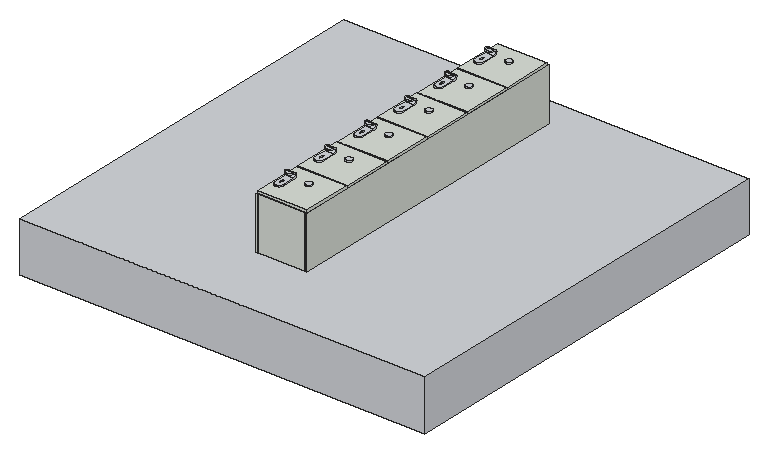
Revit family
Parameters (values of type "6 Tier Locker - 12.375"")
  Width = 12"
  Waste Connection = no
  WFU = 0
  Vent Connection = no
  URL = "www.spectrumlockers.com"
  Type Comments = ""
  Top/Bottom Panel Thickness = 1/2"
  Side Panel Thickness = 3/8"
  Shelf Thickness = 1/2"
  Price = "Prices may vary. Please consult Manufacturer Representative for most up-to-date price list."  # constant formula
  Phone Number = "416-250-5656"  # constant formula
  Omniclass Table 23 Title = "Lockers"  # constant formula
  Omniclass Table 23 Code = "23.40.20.11.17"  # constant formula
  Nominal Height = 29 1/8"
  Model = "6 Tier Locker - 12.375\""
  Material = Athlon-Spectrum-White-E0.00 CR
  Masterformat Title = "Phenolic Lockers"  # constant formula
  Masterformat Number = "10 51 29"  # constant formula
  Manufacturer = "Spectrum"
  Length = 12 3/8"
  Installation Type = "Wall Mounted"
  Height = 71 3/4"
  HWFU = 0
  HW Connection = no
  Description = "6 Tier Locker"
  Default Elevation = 0"
  Creation Date = "10/1/2014"  # constant formula
  Created By = "Allied Technical Services"  # constant formula
  CWFU = 0
  CW Connection = no
  Assembly Code = "E2020200"
  ATS URL = "http://www.atsspec.net"
Types (5): name | Model | Length
  (no name) | "6 Tier Locker - 12.375\"" | 12 3/8"
  6 Tier Locker - 12.375" | "6 Tier Locker - 12.375\"" | 12 3/8"
  6 Tier Locker - 15.375" | "6 Tier Locker - 15.375\"" | 15 3/8"
  6 Tier Locker - 20.375" | "6 Tier Locker - 20.375\"" | 20 3/8"
  6 Tier Locker - 24.375" | "6 Tier Locker - 24.375\"" | 24 3/8"
Reference planes (in)
  plane 1 "Center (Front/Back)": y = 0
  plane 2: z = 0
  plane 3 "Center (Left/Right)": x = 0
  plane 4: x = 5.625
  plane 5: x = 6
  plane 6: y = 71.75
  plane 7: y = 71.25
  plane 8: y = 0.5
  plane 9: x = -5.625
  plane 10: x = -6
  plane 11: z = 12.375
  plane 12: z = 12.875
  plane 13: z = 0.375
  plane 14: y = 11.875
  plane 15: y = 12.375
  plane 16: y = 12.125
  plane 17: y = 0.25
  plane 18: y = 71.5
  plane 19: y = 24
  plane 20: y = 23.75
  plane 21: y = 24.25
  plane 22: y = 35.875
  plane 23: y = 35.625
  plane 24: y = 36.125
  plane 25: y = 47.75
  plane 26: y = 47.5
  plane 27: y = 48
  plane 28: y = 59.625
  plane 29: y = 59.375
  plane 30: y = 59.875
  plane 31: y = 63.0625
  plane 32: y = 39.3156
  plane 33: y = 27.44056
  plane 34: y = 15.56264
  plane 35: y = 51.18764
  plane 36: y = 65.5625
  plane 37: y = 53.6875
  plane 38: y = 41.8125
  plane 39: y = 29.9375
  plane 40: y = 18.0625
  plane 41: y = 6.1875
  plane 42: y = 3.68764
  plane 43: x = -5.42497
  plane 44: x = -3.42497
  plane 45: y = 67.5
  plane 46: y = 55.625
  plane 47: y = 43.75
  plane 48: y = 31.875
  plane 49: y = 20
  plane 50: y = 8.125
  plane 51: z = 13
Forms (in)
  Extrusion 1, solid
    sketch origin (0, 0, 0) x (1, 0, 0) y (0, 1, 0)
      loop
        line (-48, 78.52725) -> (-48, -17.47275) -> (48, -17.47275) -> (48, 78.52725) -> (-48, 78.52725)
    from 0 to -12
  Extrusion 2, solid, material "Athlon-Spectrum-White-E0.00 CR" <- "Material"
    sketch origin (0, 0, 0) x (1, 0, 0) y (0, 0, 1)
      loop
        line (-5.625, 12.375) -> (-5.625, 0) -> (5.625, 0) -> (5.625, 12.375) -> (-5.625, 12.375)
    from -71.75 to -71.25
  Extrusion 3, solid, material "Athlon-Spectrum-White-E0.00 CR" <- "Material"
    sketch origin (0, -59.25, 0) x (1, 0, 0) y (0, 0, 1)
      loop
        line (-5.625, 12.375) -> (-5.625, 0) -> (5.625, 0) -> (5.625, 12.375) -> (-5.625, 12.375)
    from -59.75 to -59.25
  Extrusion 4, solid, material "Athlon-Spectrum-White-E0.00 CR" <- "Material"
    sketch origin (0, 0, 0) x (0, 1, 0) y (0, 0, 1)
      loop
        line (71.75, 12.375) -> (0, 12.375) -> (0, 0) -> (71.75, 0) -> (71.75, 12.375)
    from -6 to -5.625
  Extrusion 5, solid, material "Athlon-Spectrum-White-E0.00 CR" <- "Material"
    sketch origin (0, 0, 0) x (0, 1, 0) y (0, 0, -1)
      loop
        line (71.75, -12.375) -> (71.75, 0) -> (0, 0) -> (0, -12.375) -> (71.75, -12.375)
    from -6 to -5.625
  Extrusion 6, solid, material "Athlon-Spectrum-White-E0.00 CR" <- "Material"
    sketch origin (0, 0, 0) x (1, 0, 0) y (0, 0, 1)
      loop
        line (-5.625, 0.375) -> (-5.625, 0) -> (5.625, 0) -> (5.625, 0.375) -> (-5.625, 0.375)
    from -71.25 to -0.5
  Extrusion 7, solid, material "Athlon-Spectrum-White-E0.00 CR" <- "Material"
    sketch origin (0, 0, 0) x (1, 0, 0) y (0, 1, 0)
      loop
        line (-5.875, 12) -> (-5.875, 0.25) -> (5.875, 0.25) -> (5.875, 12) -> (-5.875, 12)
    from 12.375 to 12.875
  Extrusion 8, solid, material "Athlon-Spectrum-White-E0.00 CR" <- "Material"
    sketch origin (0, 23.75, 0) x (1, 0, 0) y (0, 0, 1)
      loop
        line (-5.625, 12.375) -> (-5.625, 0.375) -> (5.625, 0.375) -> (5.625, 12.375) -> (-5.625, 12.375)
    from -0.5 to 0
  Extrusion 9, solid, material "Athlon-Spectrum-White-E0.00 CR" <- "Material"
    sketch origin (0, 0, 0) x (1, 0, 0) y (0, 0, 1)
      loop
        line (-5.625, 12.375) -> (-5.625, 0.375) -> (5.625, 0.375) -> (5.625, 12.375) -> (-5.625, 12.375)
    from -12.375 to -11.875
  Extrusion 10, solid, material "Athlon-Spectrum-White-E0.00 CR" <- "Material"
    sketch origin (0, 23.75, 0) x (1, 0, 0) y (0, 1, 0)
      loop
        line (-5.875, 0.125) -> (-5.875, -11.5) -> (5.875, -11.5) -> (5.875, 0.125) -> (-5.875, 0.125)
    from 12.375 to 12.875
  Extrusion 11, solid, material "Athlon-Spectrum-White-E0.00 CR" <- "Material"
    sketch origin (0, 47.5, 0) x (1, 0, 0) y (0, 1, 0)
      loop
        line (-5.875, 0.13093) -> (-5.875, -11.5) -> (5.875, -11.5) -> (5.875, 0.13093) -> (-5.875, 0.13093)
    from 12.375 to 12.875
  Extrusion 12, solid, material "Athlon-Spectrum-White-E0.00 CR" <- "Material"
    sketch origin (0, 41.125, 0) x (1, 0, 0) y (0, 0, 1)
      loop
        line (-5.625, 12.375) -> (-5.625, 0.375) -> (5.625, 0.375) -> (5.625, 12.375) -> (-5.625, 12.375)
    from 5 to 5.5
  Extrusion 13, solid, material "Athlon-Spectrum-White-E0.00 CR" <- "Material"
    sketch origin (0, 29.69335, 0) x (1, 0, 0) y (0, 1, 0)
      loop
        line (-5.875, 6.05665) -> (-5.875, -5.5625) -> (5.875, -5.5625) -> (5.875, 6.05665) -> (-5.875, 6.05665)
    from 12.375 to 12.875
  Extrusion 14, solid, material "Athlon-Spectrum-White-E0.00 CR" <- "Material"
    sketch origin (0, 11.88085, 0) x (1, 0, 0) y (0, 1, 0)
      loop
        line (-5.875, 11.99415) -> (-5.875, 0.36915) -> (5.875, 0.36915) -> (5.875, 11.99415) -> (-5.875, 11.99415)
    from 12.375 to 12.875
  Extrusion 15, solid, material "Athlon-Spectrum-White-E0.00 CR" <- "Material"
    sketch origin (0, 54.875, 0) x (1, 0, 0) y (0, 0, 1)
      loop
        line (-5.625, 12.375) -> (-5.625, 0.375) -> (5.625, 0.375) -> (5.625, 12.375) -> (-5.625, 12.375)
    from 6.875 to 7.375
  Extrusion 16, solid, material "Athlon-Spectrum-White-E0.00 CR" <- "Material"
    sketch origin (0, 0, 0) x (1, 0, 0) y (0, 1, 0)
      loop
        line (-5.875, 59.5) -> (-5.875, 47.875) -> (5.875, 47.875) -> (5.875, 59.5) -> (-5.875, 59.5)
    from 12.875 to 12.375
  Extrusion 17, solid, material "Athlon-Spectrum-White-E0.00 CR" <- "Material"
    sketch origin (0, 66.25, 0) x (1, 0, 0) y (0, 0, 1)
      loop
        line (-5.625, 12.375) -> (-5.625, 0.375) -> (5.625, 0.375) -> (5.625, 12.375) -> (-5.625, 12.375)
    from 6.375 to 6.875
  Extrusion 18, solid, material "Athlon-Spectrum-White-E0.00 CR" <- "Material"
    sketch origin (0, 11.86658, 0) x (1, 0, 0) y (0, 1, 0)
      loop
        line (-5.875, 59.63342) -> (-5.875, 47.88342) -> (5.875, 47.88342) -> (5.875, 59.63342) -> (-5.875, 59.63342)
    from 12.375 to 12.875
  Extrusion 19, solid
    sketch origin (0, 37.55495, 56.86546) x (0, 1, 0) y (0, 0, 1)
      loop
        line (29.88255, -42.74046) -> (28.00742, -42.74046) -> (28.00742, -42.86546) -> (29.88255, -42.86546)
        arc (29.88255, -42.86546) -> (30.38255, -43.36546) -> (29.88255, -43.86546) r 0.5
        line (29.88255, -43.86546) -> (25.50755, -43.86546) -> (25.50755, -43.99046) -> (29.88255, -43.99046)
        arc (29.88255, -43.99046) -> (30.50755, -43.36546) -> (29.88255, -42.74046) r 0.625
      loop
        line (6.13565, -42.74046) -> (4.26052, -42.74046) -> (4.26052, -42.86546) -> (6.13565, -42.86546)
        arc (6.13565, -42.86546) -> (6.63565, -43.36546) -> (6.13565, -43.86546) r 0.5
        line (6.13565, -43.86546) -> (1.76065, -43.86546) -> (1.76065, -43.99046) -> (6.13565, -43.99046)
        arc (6.13565, -43.99046) -> (6.76065, -43.36546) -> (6.13565, -42.74046) r 0.625
      loop
        line (-5.73938, -42.74046) -> (-7.61452, -42.74046) -> (-7.61452, -42.86546) -> (-5.73938, -42.86546)
        arc (-5.73938, -42.86546) -> (-5.23938, -43.36546) -> (-5.73938, -43.86546) r 0.5
        line (-5.73938, -43.86546) -> (-10.11438, -43.86546) -> (-10.11438, -43.99046) -> (-5.73938, -43.99046)
        arc (-5.73938, -43.99046) -> (-5.11438, -43.36546) -> (-5.73938, -42.74046) r 0.625
      loop
        line (-17.61731, -42.74046) -> (-19.49245, -42.74046) -> (-19.49245, -42.86546) -> (-17.61731, -42.86546)
        arc (-17.61731, -42.86546) -> (-17.11731, -43.36546) -> (-17.61731, -43.86546) r 0.5
        line (-17.61731, -43.86546) -> (-21.99231, -43.86546) -> (-21.99231, -43.99046) -> (-17.61731, -43.99046)
        arc (-17.61731, -43.99046) -> (-16.99231, -43.36546) -> (-17.61731, -42.74046) r 0.625
      loop
        line (18.00769, -42.74046) -> (16.13255, -42.74046) -> (16.13255, -42.86546) -> (18.00769, -42.86546)
        arc (18.00769, -42.86546) -> (18.50769, -43.36546) -> (18.00769, -43.86546) r 0.5
        line (18.00769, -43.86546) -> (13.63269, -43.86546) -> (13.63269, -43.99046) -> (18.00769, -43.99046)
        arc (18.00769, -43.99046) -> (18.63269, -43.36546) -> (18.00769, -42.74046) r 0.625
      loop
        line (-29.49231, -42.74046) -> (-31.36745, -42.74046) -> (-31.36745, -42.86546) -> (-29.49231, -42.86546)
        arc (-29.49231, -42.86546) -> (-28.99231, -43.36546) -> (-29.49231, -43.86546) r 0.5
        line (-29.49231, -43.86546) -> (-33.86731, -43.86546) -> (-33.86731, -43.99046) -> (-29.49231, -43.99046)
        arc (-29.49231, -43.99046) -> (-28.86731, -43.36546) -> (-29.49231, -42.74046) r 0.625
    from -5.42497 to -3.42497
  Extrusion 20, void
    sketch origin (0, 31.05862, 33.5171) x (1, 0, 0) y (0, 1, 0)
      loop
        line (-5.42497, 36.32129) -> (-5.42497, 34.50388) -> (-3.42497, 34.50388) -> (-3.42497, 36.32129)
        arc (-3.42497, 36.32129) -> (-4.42497, 35.32129) -> (-5.42497, 36.32129) r 1
      loop
        line (-5.42497, 24.44629) -> (-5.42497, 22.62888) -> (-3.42497, 22.62888) -> (-3.42497, 24.44629)
        arc (-3.42497, 24.44629) -> (-4.42497, 23.44629) -> (-5.42497, 24.44629) r 1
      loop
        line (-5.42497, 12.57129) -> (-5.42497, 10.75388) -> (-3.42497, 10.75388) -> (-3.42497, 12.57129)
        arc (-3.42497, 12.57129) -> (-4.42497, 11.57129) -> (-5.42497, 12.57129) r 1
      loop
        line (-5.42497, 0.69629) -> (-5.42497, -1.12112) -> (-3.42497, -1.12112) -> (-3.42497, 0.69629)
        arc (-3.42497, 0.69629) -> (-4.42497, -0.30371) -> (-5.42497, 0.69629) r 1
      loop
        line (-5.42497, -11.17871) -> (-5.42497, -12.99612) -> (-3.42497, -12.99612) -> (-3.42497, -11.17871)
        arc (-3.42497, -11.17871) -> (-4.42497, -12.17871) -> (-5.42497, -11.17871) r 1
      loop
        line (-5.42497, -23.05371) -> (-5.42497, -24.87112) -> (-3.42497, -24.87112) -> (-3.42497, -23.05371)
        arc (-3.42497, -23.05371) -> (-4.42497, -24.05371) -> (-5.42497, -23.05371) r 1
    from -20.5171 to -19.3921
  Extrusion 21, void
    sketch origin (0, 30.09003, 20.52112) x (1, 0, 0) y (0, 1, 0)
      loop
        line (-5.42497, 34.16191) -> (-5.42497, 32.97247) -> (-3.42497, 32.97247) -> (-3.42497, 34.16191)
        arc (-3.42497, 34.16191) -> (-4.42497, 33.16191) -> (-5.42497, 34.16191) r 1
      loop
        arc (-4.17497, 35.22261) -> (-4.42497, 35.47261) -> (-4.67497, 35.22261) r 0.25
        line (-4.67497, 35.22261) -> (-4.67497, 34.74933)
        arc (-4.67497, 34.74933) -> (-4.42497, 34.49933) -> (-4.17497, 34.74933) r 0.25
        line (-4.17497, 34.74933) -> (-4.17497, 35.22261)
      loop
        line (-5.42497, 22.28691) -> (-5.42497, 21.09747) -> (-3.42497, 21.09747) -> (-3.42497, 22.28691)
        arc (-3.42497, 22.28691) -> (-4.42497, 21.28691) -> (-5.42497, 22.28691) r 1
      loop
        arc (-4.17497, 23.34761) -> (-4.42497, 23.59761) -> (-4.67497, 23.34761) r 0.25
        line (-4.67497, 23.34761) -> (-4.67497, 22.87433)
        arc (-4.67497, 22.87433) -> (-4.42497, 22.62433) -> (-4.17497, 22.87433) r 0.25
        line (-4.17497, 22.87433) -> (-4.17497, 23.34761)
      loop
        line (-5.42497, 10.41191) -> (-5.42497, 9.22247) -> (-3.42497, 9.22247) -> (-3.42497, 10.41191)
        arc (-3.42497, 10.41191) -> (-4.42497, 9.41191) -> (-5.42497, 10.41191) r 1
      loop
        arc (-4.17497, 11.47261) -> (-4.42497, 11.72261) -> (-4.67497, 11.47261) r 0.25
        line (-4.67497, 11.47261) -> (-4.67497, 10.99933)
        arc (-4.67497, 10.99933) -> (-4.42497, 10.74933) -> (-4.17497, 10.99933) r 0.25
        line (-4.17497, 10.99933) -> (-4.17497, 11.47261)
      loop
        line (-5.42497, -1.46309) -> (-5.42497, -2.65253) -> (-3.42497, -2.65253) -> (-3.42497, -1.46309)
        arc (-3.42497, -1.46309) -> (-4.42497, -2.46309) -> (-5.42497, -1.46309) r 1
      loop
        arc (-4.17497, -0.40239) -> (-4.42497, -0.15239) -> (-4.67497, -0.40239) r 0.25
        line (-4.67497, -0.40239) -> (-4.67497, -0.87567)
        arc (-4.67497, -0.87567) -> (-4.42497, -1.12567) -> (-4.17497, -0.87567) r 0.25
        line (-4.17497, -0.87567) -> (-4.17497, -0.40239)
      loop
        line (-5.42497, -13.33809) -> (-5.42497, -14.52753) -> (-3.42497, -14.52753) -> (-3.42497, -13.33809)
        arc (-3.42497, -13.33809) -> (-4.42497, -14.33809) -> (-5.42497, -13.33809) r 1
      loop
        arc (-4.17497, -12.27739) -> (-4.42497, -12.02739) -> (-4.67497, -12.27739) r 0.25
        line (-4.67497, -12.27739) -> (-4.67497, -12.75067)
        arc (-4.67497, -12.75067) -> (-4.42497, -13.00067) -> (-4.17497, -12.75067) r 0.25
        line (-4.17497, -12.75067) -> (-4.17497, -12.27739)
      loop
        line (-5.42497, -25.21309) -> (-5.42497, -26.40253) -> (-3.42497, -26.40253) -> (-3.42497, -25.21309)
        arc (-3.42497, -25.21309) -> (-4.42497, -26.21309) -> (-5.42497, -25.21309) r 1
      loop
        arc (-4.17497, -24.15239) -> (-4.42497, -23.90239) -> (-4.67497, -24.15239) r 0.25
        line (-4.67497, -24.15239) -> (-4.67497, -24.62567)
        arc (-4.67497, -24.62567) -> (-4.42497, -24.87567) -> (-4.17497, -24.62567) r 0.25
        line (-4.17497, -24.62567) -> (-4.17497, -24.15239)
    from -7.64612 to -6.39612
  Extrusion 22, solid
    sketch origin (0, 0, 0) x (1, 0, 0) y (0, 1, 0)
      loop
        circle (0, 67.5) r 0.75
      loop
        circle (0, 55.625) r 0.75
      loop
        circle (0, 43.75) r 0.75
      loop
        circle (0, 31.875) r 0.75
      loop
        circle (0, 20) r 0.75
      loop
        circle (0, 8.125) r 0.75
    from 12.875 to 13
Cuts and joins
  Extrusion 20, Extrusion 21 cuts Extrusion 19
  Extrusion 21 cuts Extrusion 7
  Extrusion 21 cuts Extrusion 10
  Extrusion 21 cuts Extrusion 11
  Extrusion 21 cuts Extrusion 13
  Extrusion 21 cuts Extrusion 14
  Extrusion 21 cuts Extrusion 16
  Extrusion 21 cuts Extrusion 18
Lines and regions (in)
  Masking region 1
    outline origin (0, 0, 0) x (1, 0, 0) y (0, 1, 0)
      loop
        line (-6, 71.75) -> (-6, 0) -> (6, 0) -> (6, 71.75) -> (-6, 71.75)
  Masking region 2
    outline origin (0, 0, 0) x (0, 1, 0) y (0, 0, 1)
      loop
        line (71.75, 0) -> (71.75, 12.375) -> (71.5, 12.375) -> (71.5, 12.875) -> (59.75, 12.875) -> (59.75, 12.375) -> (59.5, 12.375) -> (59.5, 12.875) -> (47.875, 12.875) -> (47.875, 12.375) -> (47.63093, 12.375) -> (47.63093, 12.875) -> (36, 12.875) -> (36, 12.375) -> (35.75, 12.375) -> (35.75, 12.875) -> (24.13085, 12.875) -> (24.13085, 12.375) -> (23.875, 12.375) -> (23.875, 12.875) -> (12.25, 12.875) -> (12.25, 12.375) -> (12, 12.375) -> (12, 12.875) -> (0.25, 12.875) -> (0.25, 12.375) -> (0, 12.375) -> (0, 0) -> (71.75, 0)
  Masking region 3
    outline origin (0, 0, 0) x (1, 0, 0) y (0, 0, 1)
      loop
        line (6, 12.375) -> (5.875, 12.375) -> (5.875, 12.875) -> (-5.875, 12.875) -> (-5.875, 12.375) -> (-6, 12.375) -> (-6, 0) -> (6, 0) -> (6, 12.375)
  symbolic lines, detail levels medium+fine
    curve 1: line (0, 71.5, 12.375) -> (0, 47.875, 12.375)
    curve 2: line (0, 12, 12.375) -> (0, 0.25, 12.375)
    curve 3: line (5.875, 0, 12.375) -> (-5.875, 0, 12.375)
    curve 4: line (5.625, 0, 12.375) -> (5.625, 0, 0)
    curve 5: line (-5.625, 0, 0) -> (-5.625, 0, 12.375)
    curve 6: line (0, 23.875, 12.375) -> (0, 12.25, 12.375)
    curve 7: line (-5.875, 47.63093, 0) -> (-5.875, 36, 0)
    curve 8: line (5.875, 47.63093, 0) -> (-5.875, 47.63093, 0)
    curve 9: line (5.875, 36, 0) -> (5.875, 47.63093, 0)
    curve 10: line (-5.875, 36, 0) -> (5.875, 36, 0)
    curve 11: line (5.875, 35.75, 0) -> (-5.875, 35.75, 0)
    curve 12: line (-5.875, 35.75, 0) -> (-5.875, 24.13085, 0)
    curve 13: line (5.875, 24.13085, 0) -> (5.875, 35.75, 0)
    curve 14: line (-5.875, 24.13085, 0) -> (5.875, 24.13085, 0)
    curve 15: line (5.875, 23.875, 0) -> (-5.875, 23.875, 0)
    curve 16: line (5.875, 12.25, 0) -> (5.875, 23.875, 0)
    curve 17: line (-5.875, 23.875, 0) -> (-5.875, 12.25, 0)
    curve 18: line (-5.875, 12.25, 0) -> (5.875, 12.25, 0)
    curve 19: line (5.875, 12, 0) -> (-5.875, 12, 0)
    curve 20: line (5.875, 0.25, 0) -> (5.875, 12, 0)
    curve 21: line (-5.875, 12, 0) -> (-5.875, 0.25, 0)
    curve 22: line (-5.875, 0.25, 0) -> (5.875, 0.25, 0)
    curve 23: line (0, 35.75, 12.375) -> (0, 24.13085, 12.375)
    curve 24: line (-5.875, 47.875, 0) -> (5.875, 47.875, 0)
    curve 25: line (-5.875, 59.5, 0) -> (-5.875, 47.875, 0)
    curve 26: line (5.875, 59.5, 0) -> (-5.875, 59.5, 0)
    curve 27: line (5.875, 47.875, 0) -> (5.875, 59.5, 0)
    curve 28: line (0, 47.63093, 12.375) -> (0, 36, 12.375)
    curve 29: line (-5.875, 59.75, 0) -> (5.875, 59.75, 0)
    curve 30: line (-5.875, 71.5, 0) -> (-5.875, 59.75, 0)
    curve 31: line (5.875, 59.75, 0) -> (5.875, 71.5, 0)
    curve 32: line (5.875, 71.5, 0) -> (-5.875, 71.5, 0)
    curve 33: circle (0, 67.5, 0) r 0.75 normal (0, 0, 1)
    curve 34: circle (0, 55.625, 0) r 0.75 normal (0, 0, 1)
    curve 35: circle (0, 43.75, 0) r 0.75 normal (0, 0, 1)
    curve 36: circle (0, 31.875, 0) r 0.75 normal (0, 0, 1)
    curve 37: circle (0, 20, 0) r 0.75 normal (0, 0, 1)
    curve 38: circle (0, 8.125, 0) r 0.75 normal (0, 0, 1)
Dimensions and locks (in)
  "Side Panel Thickness": plane 13 to Extrusion 1
  locked: plane 12 to plane 11 at 0.5
  "Top/Bottom Panel Thickness": plane 6 to plane 7
  "Top/Bottom Panel Thickness": plane 8 to plane 1 "Center (Front/Back)"
  locked: plane 14 to Extrusion 7 sketch curve at 0.125
  "Length": plane 11 to Extrusion 1
  "Shelf Thickness": plane 15 to plane 14
  "Side Panel Thickness": plane 10 to plane 9
  "Side Panel Thickness": plane 4 to plane 5
  "Width": plane 10 to plane 5
  equal spacing: plane 10, plane 3 "Center (Left/Right)", plane 5
  "Height": plane 6 to plane 1 "Center (Front/Back)"
  locked: plane 15 to plane 16 at 0.25
  locked: Extrusion 7 sketch curve to Extrusion 4 at 0.25
  locked: plane 8 to Extrusion 7 sketch curve at 0.25
  locked: Extrusion 5 to Extrusion 7 sketch curve at 0.25
  locked: plane 17 to plane 1 "Center (Front/Back)" at 0.25
  locked: plane 6 to plane 18 at 0.25
  "Shelf Thickness": plane 21 to plane 20
  locked: plane 21 to plane 19 at 0.25
  Extrusion 11 sketch curve to Extrusion 4 = 1/4"
  Extrusion 5 to Extrusion 11 sketch curve = 1/4"
  Extrusion 11 sketch curve to plane 21 = 11 3/4"
  locked: plane 15 to Extrusion 10 sketch curve at 0.125
  locked: plane 20 to Extrusion 10 sketch curve at 0.125
  "Shelf Thickness": plane 24 to plane 23
  locked: plane 24 to plane 22 at 0.25
  locked: Extrusion 12 to Extrusion 11 sketch curve at 0.125
  locked: Extrusion 12 to Extrusion 13 sketch curve at 0.125
  locked: Extrusion 8 to Extrusion 13 sketch curve at 0.11915
  "Shelf Thickness": plane 27 to plane 26
  locked: plane 27 to plane 25 at 0.25
  locked: Extrusion 15 to Extrusion 11 sketch curve at 0.13093
  locked: Extrusion 15 to Extrusion 16 sketch curve at 0.125
  "Shelf Thickness": plane 30 to plane 29
  locked: plane 30 to plane 28 at 0.25
  equal spacing: plane 18, plane 28, plane 25, plane 22, plane 19, plane 16, plane 17
  plane 14 to plane 8 = 11 3/8"
  locked: Extrusion 16 sketch curve to plane 29 at 0.125
  locked: plane 30 to Extrusion 18 sketch curve at 0.125
  locked: Extrusion 19 sketch curve to Extrusion 19 sketch curve at 0.125  (x6)
  locked: plane 36 to plane 31 at 2.5
  locked: plane 37 to plane 35 at 2.49986
  locked: plane 38 to plane 32 at 2.4969
  locked: plane 39 to plane 33 at 2.49694
  locked: plane 40 to plane 34 at 2.49986
  locked: plane 41 to plane 42 at 2.49986
  locked: Extrusion 19 sketch curve to plane 38 at 1.8781
  locked: Extrusion 19 sketch curve to plane 39 at 1.87806
  locked: Extrusion 19 sketch curve to plane 40 at 1.87514
  locked: Extrusion 19 sketch curve to plane 41 at 1.87514
  locked: Extrusion 19 sketch curve to plane 37 at 1.87514
  locked: Extrusion 19 sketch curve to plane 36 at 1.875
  locked: Extrusion 19 sketch curve to plane 12 at 1.25  (x5)
  locked: Extrusion 19 sketch curve to cut or joined group of Extrusion 16, Extrusion 21 at 1.25
  locked: plane 36 to Extrusion 21 sketch curve at 2.5
  locked: plane 10 to plane 44 at 2.57503
  locked: plane 43 to plane 44 at 2
  equal spacing: plane 18, plane 36, plane 28
  equal spacing: plane 28, plane 37, plane 25
  equal spacing: plane 25, plane 38, plane 22
  equal spacing: plane 22, plane 39, plane 19
  equal spacing: plane 19, plane 40, plane 16
  equal spacing: plane 16, plane 41, plane 17
  locked: Extrusion 21 sketch curve to plane 37 at 2.5
  locked: plane 38 to Extrusion 21 sketch curve at 2.5
  locked: Extrusion 21 sketch curve to plane 39 at 2.5
  locked: plane 40 to Extrusion 21 sketch curve at 2.5
  locked: Extrusion 21 sketch curve to plane 41 at 2.5
  locked: plane 18 to plane 45 at 4
  locked: plane 28 to plane 46 at 4
  locked: plane 25 to plane 47 at 4
  locked: plane 22 to plane 48 at 4
  locked: plane 19 to plane 49 at 4
  locked: plane 16 to plane 50 at 4
  locked: plane 51 to plane 12 at 0.125
  aligned and locked: plane 2 to Extrusion 1
  aligned and locked: level to Extrusion 1
  aligned and locked: plane 6 to Extrusion 2
  aligned and locked: Extrusion 2 to plane 7
  aligned and locked: plane 8 to Extrusion 3
  aligned and locked: plane 1 "Center (Front/Back)" to Extrusion 3
  aligned and locked: Extrusion 4 to plane 10
  aligned and locked: plane 9 to Extrusion 4
  aligned and locked: plane 4 to Extrusion 5
  aligned and locked: Extrusion 5 to plane 5
  aligned and locked: plane 7 to Extrusion 6
  aligned and locked: Extrusion 6 to plane 8
  aligned and locked: plane 12 to Extrusion 7
  aligned and locked: Extrusion 7 to plane 11
  aligned and locked: plane 6 to Extrusion 4 sketch curve
  aligned and locked: plane 11 to Extrusion 4 sketch curve
  aligned and locked: Extrusion 4 sketch curve to level
  aligned and locked: plane 1 "Center (Front/Back)" to Extrusion 4 sketch curve
  aligned and locked: Extrusion 5 sketch curve to plane 6
  aligned and locked: Extrusion 5 sketch curve to plane 11
  aligned and locked: Extrusion 5 sketch curve to plane 1 "Center (Front/Back)"
  aligned and locked: level to Extrusion 5 sketch curve
  aligned and locked: plane 11 to Extrusion 3
  aligned and locked: plane 11 to Extrusion 2
  aligned and locked: plane 9 to Extrusion 3 sketch curve
  aligned and locked: level to Extrusion 3 sketch curve
  aligned and locked: plane 4 to Extrusion 3 sketch curve
  aligned and locked: plane 9 to Extrusion 2 sketch curve
  aligned and locked: level to Extrusion 2 sketch curve
  aligned and locked: plane 4 to Extrusion 2 sketch curve
  aligned and locked: Extrusion 2 sketch curve to plane 11
  aligned and locked: plane 10 to Masking region 1 sketch curve
  aligned and locked: Masking region 1 sketch curve to plane 6
  aligned and locked: Masking region 1 sketch curve to Extrusion 5  (x2)
  aligned and locked: plane 12 to Masking region 2 sketch curve  (x2)
  aligned and locked: plane 11 to Masking region 2 sketch curve  (x3)
  aligned and locked: plane 1 "Center (Front/Back)" to Masking region 2 sketch curve
  aligned and locked: Masking region 2 sketch curve to level
  aligned and locked: plane 6 to Masking region 2 sketch curve
  aligned and locked: Masking region 2 sketch curve to Extrusion 7  (x2)
  aligned and locked: plane 5 to Masking region 3 sketch curve
  aligned and locked: Masking region 3 sketch curve to Extrusion 4  (x2)
  aligned and locked: plane 11 to Masking region 3 sketch curve  (x2)
  aligned and locked: Masking region 3 sketch curve to Extrusion 7  (x2)
  aligned and locked: plane 12 to Masking region 3 sketch curve
  aligned and locked: curve 4 to Extrusion 5
  aligned and locked: curve 5 to Extrusion 4
  aligned and locked: Extrusion 8 to plane 20
  aligned and locked: plane 21 to Extrusion 8
  aligned and locked: Extrusion 8 to plane 9
  aligned and locked: Extrusion 8 to plane 4
  aligned and locked: plane 15 to Extrusion 9
  aligned and locked: Extrusion 9 to plane 14
  aligned and locked: Extrusion 9 to plane 9
  aligned and locked: Extrusion 9 to plane 4
  aligned and locked: Masking region 2 to curve 1  (x2)
  aligned: Extrusion 11 to Masking region 2
  aligned and locked: Extrusion 7 to Extrusion 10
  aligned and locked: Extrusion 10 to Masking region 2 sketch curve
  aligned and locked: Extrusion 4 to Masking region 2 sketch curve  (x3)
  aligned and locked: Masking region 2 to curve 28
  aligned and locked: curve 6 to Masking region 2
  aligned and locked: Extrusion 12 to plane 23
  aligned and locked: plane 24 to Extrusion 12
  aligned and locked: Extrusion 14 sketch curve to Extrusion 10  (x4)
  aligned and locked: curve 11 to Extrusion 13
  aligned and locked: curve 12 to Extrusion 13
  aligned and locked: curve 13 to Extrusion 13
  aligned and locked: curve 14 to Extrusion 13
  aligned and locked: curve 15 to Extrusion 14
  aligned and locked: curve 16 to Extrusion 14
  aligned and locked: curve 17 to Extrusion 14
  aligned and locked: curve 18 to Extrusion 14
  aligned and locked: curve 19 to Extrusion 7
  aligned and locked: curve 20 to Extrusion 7
  aligned and locked: curve 21 to Extrusion 7
  aligned and locked: curve 22 to Extrusion 7
  aligned and locked: Extrusion 13 to Masking region 2 sketch curve  (x2)
  aligned and locked: Masking region 2 sketch curve to Masking region 2 sketch curve  (x3)
  aligned and locked: Extrusion 15 to plane 26
  aligned and locked: plane 27 to Extrusion 15
  aligned and locked: curve 8 to Extrusion 11
  aligned and locked: Extrusion 16 sketch curve to Extrusion 11
  aligned and locked: Extrusion 11 to Extrusion 16 sketch curve
  aligned and locked: curve 24 to Extrusion 16
  aligned and locked: curve 25 to Extrusion 16
  aligned and locked: curve 27 to Extrusion 16
  aligned: Extrusion 11 to Extrusion 16
  aligned: Extrusion 16 to plane 11
  aligned and locked: Extrusion 16 to Masking region 2 sketch curve
  aligned and locked: Masking region 2 sketch curve to Extrusion 4
  aligned and locked: Masking region 2 sketch curve to Extrusion 11
  aligned and locked: curve 28 to Masking region 2
  aligned and locked: Extrusion 17 to plane 29
  aligned and locked: plane 30 to Extrusion 17
  aligned and locked: Extrusion 18 sketch curve to plane 18
  aligned and locked: Extrusion 18 sketch curve to curve 25
  aligned and locked: curve 27 to Extrusion 18 sketch curve
  aligned and locked: curve 26 to Extrusion 16
  aligned and locked: curve 29 to Extrusion 18
  aligned and locked: curve 30 to Extrusion 18
  aligned and locked: curve 31 to Extrusion 18
  aligned and locked: curve 32 to Extrusion 18
  aligned and locked: Masking region 2 sketch curve to Extrusion 18
  aligned and locked: Masking region 2 sketch curve to Extrusion 16
  aligned and locked: plane 12 to Extrusion 18
  aligned and locked: Extrusion 16 to plane 11
  aligned and locked: plane 12 to Extrusion 16
  aligned and locked: Extrusion 18 to plane 11
  aligned and locked: Extrusion 13 to plane 11
  aligned and locked: plane 12 to Extrusion 13
  aligned and locked: Extrusion 14 to plane 11
  aligned and locked: plane 12 to Extrusion 14
  aligned and locked: Extrusion 10 to plane 11
  aligned and locked: plane 12 to Extrusion 11
  aligned and locked: Extrusion 11 to plane 11
  aligned and locked: Extrusion 19 sketch curve to plane 31
  aligned and locked: Extrusion 19 sketch curve to plane 32
  aligned and locked: Extrusion 19 sketch curve to plane 33
  aligned and locked: Extrusion 19 sketch curve to plane 34
  aligned and locked: Extrusion 19 sketch curve to plane 35
  aligned and locked: Extrusion 19 sketch curve to plane 42
  aligned and locked: Extrusion 19 sketch curve to plane 12  (x6)
  aligned and locked: plane 36 to Extrusion 20 sketch curve
  aligned: Extrusion 19 to Extrusion 20
  aligned and locked: cut or joined group of Extrusion 19, Extrusion 20, Extrusion 21 to plane 44
  aligned and locked: Extrusion 20 sketch curve to Extrusion 20 sketch curve  (x12)
  aligned and locked: Extrusion 20 sketch curve to plane 41
  aligned and locked: plane 40 to Extrusion 20 sketch curve
  aligned and locked: Extrusion 20 sketch curve to plane 39
  aligned and locked: plane 38 to Extrusion 20 sketch curve
  aligned and locked: Extrusion 20 sketch curve to plane 37
  aligned and locked: Extrusion 21 sketch curve to Extrusion 21 sketch curve  (x6)
  aligned and locked: plane 43 to cut or joined group of Extrusion 19, Extrusion 20, Extrusion 21
  aligned and locked: Extrusion 20 to cut or joined group of Extrusion 19, Extrusion 20, Extrusion 21  (x2)
  aligned and locked: Extrusion 21 to cut or joined group of Extrusion 19, Extrusion 20, Extrusion 21
  aligned and locked: Extrusion 21 to plane 12
  aligned and locked: plane 45 to Extrusion 22 sketch curve
  aligned and locked: plane 3 "Center (Left/Right)" to Extrusion 22 sketch curve  (x6)
  aligned and locked: Extrusion 22 to plane 12
  aligned and locked: plane 51 to Extrusion 22
  aligned and locked: plane 50 to Extrusion 22 sketch curve
  aligned and locked: plane 49 to Extrusion 22 sketch curve
  aligned and locked: plane 48 to Extrusion 22 sketch curve
  aligned and locked: plane 47 to Extrusion 22 sketch curve
  aligned and locked: plane 46 to Extrusion 22 sketch curve
  aligned and locked: curve 33 to Extrusion 22
  aligned and locked: curve 34 to Extrusion 22
  aligned and locked: curve 35 to Extrusion 22
  aligned and locked: curve 36 to Extrusion 22
  aligned and locked: curve 37 to Extrusion 22
  aligned and locked: curve 38 to Extrusion 22
Automatic sketch dimensions
  Extrusion 1 sketch curve to Extrusion 1 sketch curve = 96"  (x2)
  curve 2 to plane 11 = 0"
  curve 2 to plane 17 = 0"
  curve 6 to plane 11 = 0"
  curve 23 to plane 11 = 0"
  curve 1 to plane 11 = 0"
  curve 28 to plane 11 = 0"
  plane 14 to curve 2 = 1/8"
  curve 6 to plane 15 = 1/8"
  curve 23 to plane 21 = 0.11915"
  curve 23 to plane 22 = 1/8"
  curve 3 to plane 11 = 0"
  curve 4 to level = 0"
  curve 5 to level = 0"
  plane 10 to curve 3 = 1/8"
  plane 5 to curve 3 = 1/8"
  Extrusion 3 sketch curve to plane 11 = 0"
  Extrusion 6 sketch curve to level = 0"
  Extrusion 6 sketch curve to plane 9 = 0"
  plane 4 to Extrusion 6 sketch curve = 0"
  Extrusion 6 sketch curve to plane 13 = 0"
  Masking region 2 sketch curve to plane 18 = 0"
  Masking region 2 sketch curve to plane 12 = 0"
  Masking region 2 sketch curve to plane 15 = 1/8"
  plane 22 to Masking region 2 sketch curve = 1/8"
  Masking region 2 sketch curve to plane 25 = 0.11907"
  Extrusion 8 sketch curve to plane 9 = 0"
  plane 4 to Extrusion 8 sketch curve = 0"
  Extrusion 8 sketch curve to plane 13 = 0"
  Extrusion 8 sketch curve to plane 11 = 0"
  Extrusion 9 sketch curve to plane 9 = 0"
  plane 4 to Extrusion 9 sketch curve = 0"
  Extrusion 9 sketch curve to plane 13 = 0"
  Extrusion 9 sketch curve to plane 11 = 0"
  plane 10 to Extrusion 10 sketch curve = 1/8"
  plane 5 to Extrusion 10 sketch curve = 1/8"
  Extrusion 12 sketch curve to plane 9 = 0"
  plane 4 to Extrusion 12 sketch curve = 0"
  Extrusion 12 sketch curve to plane 13 = 0"
  Extrusion 12 sketch curve to plane 11 = 0"
  plane 10 to Extrusion 13 sketch curve = 1/8"
  plane 5 to Extrusion 13 sketch curve = 1/8"
  Extrusion 15 sketch curve to plane 9 = 0"
  plane 4 to Extrusion 15 sketch curve = 0"
  Extrusion 15 sketch curve to plane 13 = 0"
  Extrusion 15 sketch curve to plane 11 = 0"
  Extrusion 17 sketch curve to plane 9 = 0"
  plane 4 to Extrusion 17 sketch curve = 0"
  Extrusion 17 sketch curve to plane 13 = 0"
  Extrusion 17 sketch curve to plane 11 = 0"
  Extrusion 19 sketch curve to Extrusion 19 sketch curve = 0"  (x12)
  Extrusion 19 sketch curve to plane 41 = 0"
  Extrusion 19 sketch curve to plane 40 = 0"
  Extrusion 19 sketch curve to plane 37 = 0"
  Extrusion 19 sketch curve to plane 39 = 0.00293"
  plane 38 to Extrusion 19 sketch curve = 0.00296"
  Extrusion 19 sketch curve to plane 36 = 0.00014"
  Extrusion 20 sketch curve to plane 43 = 0"  (x12)
  Extrusion 20 sketch curve to plane 44 = 0"  (x12)
  Extrusion 20 sketch curve to Extrusion 20 sketch curve = 1.81741"  (x4)
  Extrusion 20 sketch curve to plane 41 = 1.81741"
  Extrusion 20 sketch curve to Extrusion 20 sketch curve = 0"  (x9)
  plane 40 to Extrusion 20 sketch curve = 1.81741"  (x2)
  plane 38 to Extrusion 20 sketch curve = 1.81741"
  plane 36 to Extrusion 20 sketch curve = 1.81741"
  Extrusion 21 sketch curve to plane 43 = 0"  (x12)
  Extrusion 21 sketch curve to plane 44 = 0"  (x12)
  Extrusion 21 sketch curve to Extrusion 21 sketch curve = 1/4"  (x10)
  plane 41 to Extrusion 21 sketch curve = 0.24986"
  Extrusion 21 sketch curve to plane 43 = 3/4"  (x2)
  plane 37 to Extrusion 21 sketch curve = 0.24986"
  Extrusion 21 sketch curve to Extrusion 21 sketch curve = 0.47328"  (x2)
  Extrusion 21 sketch curve to Extrusion 21 sketch curve = 0.58742"  (x7)
  Extrusion 21 sketch curve to Extrusion 21 sketch curve = 1.18944"  (x6)
  Extrusion 21 sketch curve to Extrusion 21 sketch curve = 0"  (x9)
  Extrusion 21 sketch curve to plane 40 = 0.24986"
  plane 39 to Extrusion 21 sketch curve = 0.24986"
  Extrusion 21 sketch curve to plane 38 = 0.24986"
  Extrusion 21 sketch curve to plane 36 = 0.24986"
  curve 32 to plane 18 = 0"
  plane 10 to curve 7 = 1/8"
  plane 10 to curve 32 = 1/8"
  plane 5 to curve 29 = 1/8"
  plane 5 to curve 10 = 1/8"
  plane 22 to curve 9 = 1/8"
  plane 28 to curve 29 = 1/8"
  radius of Extrusion 22 sketch curve = 3/4"  (x6)
